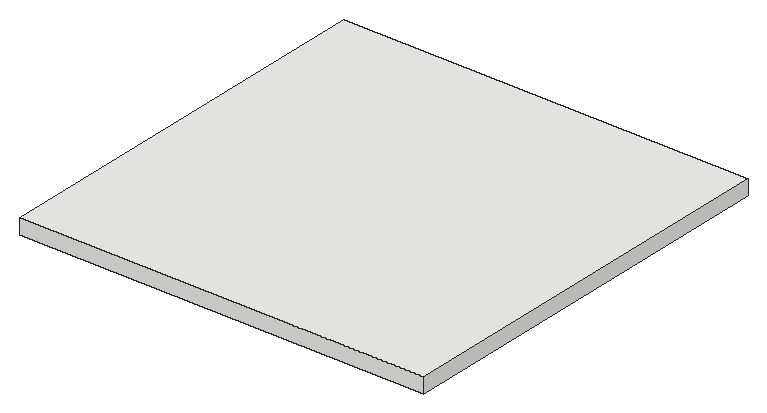
Revit family "p-180_395gb3-j", category 機械設備, Revit 2019
Family settings
  丸型コネクタ寸法 = 直径を使用
  パーツ タイプ = 標準
  OmniClass 番号 = 23.75.35.17.27
  OmniClass タイトル = Centrifugal Fans
  作業面ベース = いいえ
  常に垂直 = はい
  ロード時にボイドで切り取り = いいえ
  共有 = いいえ
  部屋計算ポイント = はい
Parameters (values of type "P-395GB3-J")
  電圧 = 100 V
  質量 = 0.876 kg
  負荷分類 = 3_ファン類
  説明 = "ダクト用換気扇 別売グリル 十字格子タイプ<クールホワイト>"
  製造元 = "三菱電機株式会社"
  製品質量 = 0.73 kg
  製品出荷対象 = "国内"
  製品リリース年月 = "2020年6月1日"
  積算_科目 = "2 換気設備"
  相 = 1
  消費電力 = 36 W
  極数 = 2
  始動方式 [instance] = "直入"
  分類コード = "50052503100030"
  価格 = 8100
  企業コード = "108420"
  仕様書バージョン = "Version1.0"
  モデル = "P-395GB3-J"
  マテリアル = 合成樹脂(白)
  Type Comments = ""
  Keynote = ""
  Assembly Code = ""
  Width = 475 mm
  URL = "https://www.mitsubishielectric.co.jp/ldg/wink/qr/002/307171/"
  Height = 18 mm
  Depth = 475 mm
  Author = "三菱電機株式会社"
Types (5, lengths in mm): name | 質量 | 製品質量 | 価格 | モデル | Width | URL | Height | Depth
  P-180GB3-J | 0.192 kg | 0.16 kg | 3300 | "P-180GB3-J" | 250 | "https://www.mitsubishielectric.co.jp/ldg/wink/qr/002/306898/" | 15 | 250
  P-215GB3-J | 0.228 kg | 0.19 kg | 3800 | "P-215GB3-J" | 286 | "https://www.mitsubishielectric.co.jp/ldg/wink/qr/002/306777/" | 15 | 286
  P-260GB3-J | 0.312 kg | 0.26 kg | 4700 | "P-260GB3-J" | 330 | "https://www.mitsubishielectric.co.jp/ldg/wink/qr/002/306800/" | 18 | 330
  P-315GB3-J | 0.396 kg | 0.33 kg | 6400 | "P-315GB3-J" | 390 | "https://www.mitsubishielectric.co.jp/ldg/wink/qr/002/307166/" | 18 | 390
  P-395GB3-J | 0.876 kg | 0.73 kg | 8100 | "P-395GB3-J" | 475 | "https://www.mitsubishielectric.co.jp/ldg/wink/qr/002/307171/" | 18 | 475
Reference planes
  plane 1 "中心(正面/背面)": y = 0
  plane 2: z = 0
  plane 3 "中心(左/右)": x = 0
  plane 4: x = -237.5
  plane 5: x = 237.5
  plane 6: y = 237.5
  plane 7: y = -237.5
  plane 8: z = -18
Forms (mm)
  Extrusion 1, solid, material "合成樹脂(白)" <- "マテリアル"
    sketch origin (0, 0, 0) x (1, 0, 0) y (0, 1, 0)
      loop
        line (-237.5, 237.5) -> (-237.5, -237.5) -> (237.5, -237.5) -> (237.5, 237.5) -> (-237.5, 237.5)
    from -18 to 0
Dimensions and locks
  "Width": plane 4 to plane 5
  equal spacing: plane 4, plane 3 "中心(左/右)", plane 5
  "Depth": plane 6 to plane 7
  equal spacing: plane 6, plane 1 "中心(正面/背面)", plane 7
  "Height": plane 2 to plane 8
  aligned and locked: level to plane 2
  aligned and locked: plane 6 to Extrusion 1
  aligned and locked: plane 5 to Extrusion 1
  aligned and locked: Extrusion 1 to plane 7
  aligned and locked: Extrusion 1 to plane 4
  aligned and locked: plane 2 to Extrusion 1
  aligned and locked: Extrusion 1 to plane 8
  aligned and locked: plane 7 to Extrusion 1 sketch curve
  aligned and locked: Extrusion 1 sketch curve to plane 5
Automatic sketch dimensions
  Extrusion 1 sketch curve to plane 4 = 0 mm
  Extrusion 1 sketch curve to plane 6 = 0 mm
